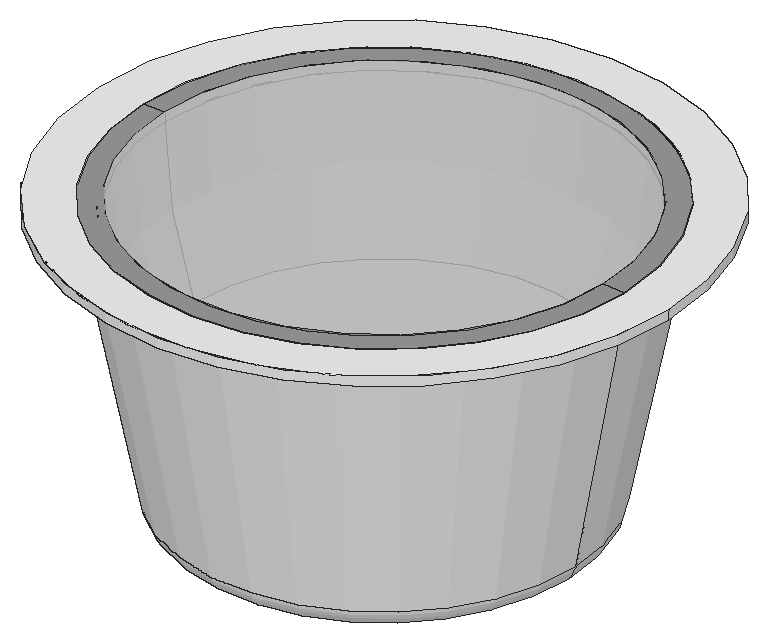
Revit family "2060578 Sylvania Lighting Fixture ASCENT 100 II ARCH 3700 4K DALI EMG 160", category Lighting Fixtures, host Face, Revit 2016
Family settings
  Host = Face
  Part Type = Normal
  Round Connector Dimension = Use Diameter
  OmniClass Number = 23.80.70.11.17
  OmniClass Title = Specialized Lighting by Location or Use
  Cut with Voids When Loaded = No
  Light Source = Yes
  Shared = No
  Room Calculation Point = No
Parameters (values of type "2060578 ASCT100 II ARCH 3700 4K DALI EMG 160 Emergency mode")
  WidthBezelAcc_SYL = 25.0 mm
  Weight = "1.92 kg"
  Wattage = 1.61017 W
  WarrantyStartDate [instance] = "n/a"
  WarrantyGuarantorParts = "n/a"
  WarrantyDurationUnit = "n/a"
  WarrantyDurationParts = "n/a"
  WarrantyDescription = "n/a"
  built-in parameter 1150110 = 1 (stored number, unit not read)
  Voltage = 0 V
  VisibilityAccessory_SYL = no
  TypeName = "ASCT100 II ARCH 3700 4K DALI EMG 160 Emergency mode"
  built-in parameter 1114217 = 1 (stored number, unit not read)
  Tilt Angle = -90°
  built-in parameter 1150109 = 1 (stored number, unit not read)
  built-in parameter 1150134 = 12
  built-in parameter 1150113 = 1 (stored number, unit not read)
  SerialNumber [instance] = "n/a"
  ReflectorRadius_SYL = Radius_SYL - 14.5 mm  # 80.0 mm
  RadiusAcc_SYL = 105.0 mm
  Radius_SYL = 94.5 mm
  URL = "http://www.sylvania-lighting.com"
  PowerFactor = 0
  PowerConsumption = "32 W"
  Photometric Web File = "2060578EM.ies"
  NominalWidth = 0.0 mm
  NominalLength = 0.0 mm
  NominalHeight = 94.0 mm
  Name = "ASCT100 II ARCH 3700 4K DALI EMG 160 Emergency mode"
  ModelReference = "ASCT100 II ARCH 3700 4K DALI EMG 160 Emergency mode"
  ModelNumber = "2060578"
  Material_4_SYL = none
  Material_3_SYL = Polycarbonate_Sylvania_Ascent_Opal
  Material_2_SYL = Aluminium_Sylvania_Ascent_Silver
  Material_1_SYL = Aluminum_Sylvania_Ascent_White
  Material = "aluminium housing, arcylic diffuser"
  ManufacturerName = "Feilo Sylvania"
  LuminousEfficacy = "118 lm/W"
  built-in parameter 1150105 = 15.12 (stored number, unit not read)
  Lumens = 190 lm
  LuminaireType = ""
  built-in parameter 1150115 = 1 (stored number, unit not read)
  LightOutputRatio = "100"
  built-in parameter 1150137 = (empty or 0)
  built-in parameter 1150139 = (empty or 0)
  LampsType = Lamp  # "LED"
  LampNominalLuminous = "3766 lm"
  LampMacAdamStep = "3"
  LampColourTemperature = "4000 K"
  LampColourRenderingIndex = "80"
  built-in parameter 1150112 = 1 (stored number, unit not read)
  built-in parameter 1150114 = 1 (stored number, unit not read)
  Keynote = "16500"
  InstallationDate [instance] = "n/a"
  InputVoltage = "n/a"
  InputNominalFrequency = "n/a"
  built-in parameter 1150132 = (empty or 0)
  built-in parameter 1150102 = (empty or 0)
  built-in parameter 1150107 = 4000 (stored number, unit not read)
  built-in parameter 1150138 = (empty or 0)
  IngressProtection = "IP40"
  ImpactProtectionIndex = "IK02"
  built-in parameter 1150106 = 0.1512 (stored number, unit not read)
  IfcExportType = "IfcLightFixtureType"
  IfcExportAs = "IfcLightFixtureType"
  Height_SYL = 94.0 mm
  HeightAcc_SYL = 7.0 mm
  ExpectedLife = 50000
  EmittionSurface_SYL = if(VisibilityAccessory_SYL, 7.0 mm, 3.0 mm)  # 3.0 mm
  Emit from Circle Diameter = DiffuserRadius_SYL * 2  # 146.0 mm
  Emit Shape Visible in Rendering = no
  ElectricShockClassification = "Class II"
  built-in parameter 1150104 = 10.963 (stored number, unit not read)
  DurationUnit = "hours"
  DocumentationLiterature = "http://www.sylvania-lighting.com/product/en-int/products/2060578"
  DimmingControlOptions = "n/a"
  Dimming Lamp Color Temperature Shift = <None>
  DiffuserRadius_SYL = ReflectorRadius_SYL - 7.0 mm  # 73.0 mm
  Diameter_SYL = 2 * Radius_SYL  # 189.0 mm
  CutoutDiameter_SYL = Diameter_SYL - 13.0 mm  # 176.0 mm
  CreatedOn = "9/17/2018"
  CreatedBy = "@sylvania-lighting.com"
  Color Filter = 16777215
  built-in parameter 1114216 [instance] = 1 (stored number, unit not read)
  Model = "ASCT100 II ARCH 3700 4K DALI EMG 160 Emergency mode"
  Manufacturer = "Feilo Sylvania"
  Lamp = "LED"
  Description = "Direct LED retro fit for original LED 100 Arch (160) single CFL lamp offering Matching lumen levels and improved light distribution of original LED 100 CFL lamp equivalents Typically half the power consumption compared to CFL Up to 112lm/W 160mm aperture Architectural reflector accepts range of glass accessories from existing LED 100 Arch 160 offering HE, HO and VHO versions equivalent of single 1 x 18W, 1 x 32W, 1 x 42W\r\n Additional VVHO versions which offer the performance circa 2 x 32W equivalent"  # constant formula
  Default Elevation = 0.0 mm
  built-in parameter 1140040 [instance] = 1
  BarCode [instance] = "n/a"
  built-in parameter 1114218 = 1 (stored number, unit not read)
  built-in parameter 1150133 = 10 (stored number, unit not read)
  AssetType = "Fixed"
  AssetIdentifier [instance] = "n/a"
  Assembly Code = "D5020200"
  Apparent Load = 1.61017 VA
  Aperture_SYL = 2 * ReflectorRadius_SYL  # 160.0 mm
Types (2, lengths in mm): name | Wattage | TypeName | Photometric Web File | Name | ModelReference | built-in parameter 1150105 | Lumens | built-in parameter 1150106 | Model | Apparent Load
  2060578 ASCT100 II ARCH 3700 4K DALI EMG 160 Emergency mode | 1.61017 W | "ASCT100 II ARCH 3700 4K DALI EMG 160 Emergency mode" | "2060578EM.ies" | "ASCT100 II ARCH 3700 4K DALI EMG 160 Emergency mode" | "ASCT100 II ARCH 3700 4K DALI EMG 160 Emergency mode" | 15.12 (stored number, unit not read) | 190 lm | 0.1512 (stored number, unit not read) | "ASCT100 II ARCH 3700 4K DALI EMG 160 Emergency mode" | 1.61017 VA
  2060578 ASCT100 II ARCH 3700 4K DALI EMG 160 | 32 W | "ASCENT 100 II ARCH 3700 4K DALI EMG 160" | "2060578.ies" | "ASCENT 100 II ARCH 3700 4K DALI EMG 160" | "ASCENT 100 II ARCH 3700 4K DALI EMG 160" | 300.48 (stored number, unit not read) | 3776 lm | 3.0048 (stored number, unit not read) | "ASCENT 100 II ARCH 3700 4K DALI EMG 160" | 32 VA
Reference planes
  plane 1 "Center (Front/Back)": y = 0
  plane 2: z = 0
  plane 3 "Center (Left/Right)": x = 0
  plane 4 "Fixture Bottom": z = 3
  plane 5: z = -52.5
  plane 6 "Fixture Top": z = -91
  plane 7: x = -105
  plane 8: z = 7
  plane 9: x = -80
  plane 10: z = 5
  plane 11: x = -103
Forms (mm)
  Extrusion 1, solid, material "Aluminum_Sylvania_Ascent_White", detail levels fine
    sketch origin (0, 0, 0) x (1, 0, 0) y (0, 1, 0)
      loop
        circle (0, 0) r 94.5
      loop
        circle (0, 0) r 80
    from 0 to 3
  Extrusion 2, void
    sketch origin (0, 0, 0) x (1, 0, 0) y (0, 1, 0)
      loop
        circle (0, 0) r 88
    from -91 to 3
  Revolve 3, solid, material "Aluminum_Sylvania_Ascent_White" <- "Material_1_SYL", detail levels fine
    sketch origin (0, 0, 0) x (1, 0, 0) y (0, 0, 1)
      loop
        line (0, -91.073) -> (0, -89.023) -> (-55.468, -89.014)
        arc (-55.468, -89.014) -> (-59.352, -87.613) -> (-61.54, -84.139) r 6.307
        line (-61.54, -84.139) -> (-77.991, -2.844) -> (-77.991, 0) -> (-80, 0) -> (-80, -3) -> (-63.5, -84.536)
        arc (-63.5, -84.536) -> (-60.643, -89.203) -> (-55.5, -91.073) r 8.291
        line (-55.5, -91.073) -> (0, -91.073)
      axis (0, 0) -> (0, -91.073)
    angle from 0 to 360
  Revolve 4, solid, material "Aluminium_Sylvania_Ascent_Silver" <- "Material_2_SYL", detail levels fine
    sketch origin (0, 0, 0) x (1, 0, 0) y (0, 0, 1)
      loop
        line (-80, 3) -> (-80, 0) -> (-75, 0)
        arc (-75, 0) -> (-72.349, -26.77) -> (-64.5, -52.5) r 136.5
        line (-64.5, -52.5) -> (-58, -52.5)
        arc (-58, -52.5) -> (-56.857, -61.521) -> (-53.5, -69.971) r 36.166
        line (-53.5, -69.971) -> (0, -69.971) -> (0, -50.5) -> (-63.16, -50.5)
        arc (-63.16, -50.5) -> (-70.517, -25.725) -> (-73, 0) r 134.5
        line (-73, 0) -> (-73, 3) -> (-80, 3)
      axis (0, 3) -> (0, -69.971)
    angle from 0 to 360
  Extrusion 5, solid, material "Polycarbonate_Sylvania_Ascent_Opal" <- "Material_3_SYL", detail levels fine
    sketch origin (0, 0, 0) x (1, 0, 0) y (0, 1, 0)
      loop
        circle (0, 0) r 73
    from 0 to 3
  Revolve 6, solid, material "Aluminum_Sylvania_Ascent_White" <- "Material_1_SYL", detail levels coarse+medium
    sketch origin (0, 0, 0) x (1, 0, 0) y (0, 0, 1)
      loop
        line (0, -91.073) -> (0, 3) -> (-94.5, 3) -> (-94.5, 0) -> (-79.5, 0) -> (-79.5, -3) -> (-63, -84.536)
        arc (-63, -84.536) -> (-60.143, -89.203) -> (-55, -91.073) r 8.291
        line (-55, -91.073) -> (0, -91.073)
      axis (0, 3) -> (0, -91.073)
    angle from 0 to 360
  Revolve 7, solid, material "Aluminum_Sylvania_Ascent_White" <- "Material_1_SYL", visible <- "VisibilityAccessory_SYL"
    sketch origin (0, 0, 0) x (1, 0, 0) y (0, 0, 1)
      loop
        line (-105, 0) -> (-103, 0) -> (-103, 5) -> (-80, 5) -> (-80, 7) -> (-105, 7) -> (-105, 0)
      axis (0, 7) -> (0, 0)
    angle from 0 to 360
  Revolve 8, solid, material "Polycarbonate_Sylvania_Ascent_Opal" <- "Material_3_SYL", visible <- "VisibilityAccessory_SYL"
    sketch origin (0, 0, 0) x (1, 0, 0) y (0, 0, 1)
      loop
        line (-80, 7) -> (-80, 5) -> (0, 5) -> (0, 7) -> (-80, 7)
      axis (0, 7) -> (0, 5)
    angle from 0 to 360
Lines and regions (mm)
  reference lines
    curve 1: line (-150, 0, 3) -> (125, 0, 3)
Dimensions and locks
  locked: plane 4 "Fixture Bottom" to plane 2 at 3
  "Height_SYL": plane 4 "Fixture Bottom" to plane 6 "Fixture Top"
  "ReflectorRadius_SYL": plane 3 "Center (Left/Right)" to Revolve 4 sketch curve
  locked: Revolve 4 sketch curve to Revolve 4 sketch curve at 15.5
  locked: Revolve 4 sketch curve to Revolve 4 sketch curve at 5
  locked: Revolve 4 sketch curve to Revolve 4 sketch curve at 7
  locked: Revolve 4 sketch curve to Revolve 4 sketch curve at 22
  locked: Revolve 4 sketch curve to Revolve 4 sketch curve at 26.5
  locked: Revolve 3 sketch curve to Revolve 3 sketch curve at 16.5
  locked: Revolve 3 sketch curve to Revolve 3 sketch curve at 24.5
  "ReflectorRadius_SYL": Revolve 3 sketch curve to plane 3 "Center (Left/Right)"
  locked: Revolve 3 sketch curve to plane 6 "Fixture Top" at 6.464
  locked: plane 2 to Revolve 3 sketch curve at 3
  locked: Revolve 3 sketch curve to Revolve 3 sketch curve at 2
  locked: Revolve 3 sketch curve to Revolve 3 sketch curve at 2.009
  locked: plane 2 to plane 5 at 52.5
  locked: Revolve 6 sketch curve to Revolve 6 sketch curve at 31.5
  locked: Revolve 6 sketch curve to Revolve 6 sketch curve at 39.5
  locked: Revolve 6 sketch curve to Revolve 6 sketch curve at 15
  "Radius_SYL": plane 3 "Center (Left/Right)" to Revolve 6 sketch curve
  "RadiusAcc_SYL": plane 3 "Center (Left/Right)" to plane 7
  "HeightAcc_SYL": plane 8 to level
  "WidthBezelAcc_SYL": plane 7 to plane 9
  locked: plane 7 to plane 11 at 2
  locked: plane 8 to plane 10 at 2
  "EmittionSurface_SYL": curve 1 to level
  "CutoutDiameter_SYL": diameter of Extrusion 2 sketch curve
  "ReflectorRadius_SYL": radius of Extrusion 1 sketch curve
  "DiffuserRadius_SYL": radius of Extrusion 5 sketch curve
  "Radius_SYL": radius of Extrusion 1 sketch curve
  aligned and locked: host face to plane 2
  aligned and locked: host face to level
  aligned and locked: plane 4 "Fixture Bottom" to Extrusion 1
  aligned and locked: Extrusion 1 to plane 2
  aligned and locked: Revolve 3 sketch curve to plane 3 "Center (Left/Right)"
  aligned and locked: Revolve 4 sketch curve to plane 3 "Center (Left/Right)"  (x2)
  aligned and locked: plane 4 "Fixture Bottom" to Revolve 4 sketch curve
  aligned and locked: Extrusion 5 to plane 2
  aligned and locked: plane 2 to Revolve 3 sketch curve  (x2)
  aligned and locked: Revolve 6 sketch curve to plane 3 "Center (Left/Right)"
  aligned and locked: plane 6 "Fixture Top" to Extrusion 2
  aligned and locked: Revolve 7 sketch curve to plane 3 "Center (Left/Right)"
  aligned and locked: host face to Revolve 7 sketch curve  (x2)
  aligned and locked: Revolve 7 sketch curve to plane 7
  aligned and locked: plane 8 to Revolve 7 sketch curve
  aligned and locked: plane 9 to Revolve 7 sketch curve
  aligned and locked: Revolve 7 sketch curve to plane 10
  aligned and locked: plane 11 to Revolve 7 sketch curve
  aligned and locked: Revolve 7 to Revolve 8 sketch curve
  aligned and locked: Revolve 8 sketch curve to Revolve 7  (x2)
  aligned and locked: Revolve 8 sketch curve to plane 3 "Center (Left/Right)"  (x2)
  aligned and locked: plane 3 "Center (Left/Right)" to imposter light
  aligned and locked: imposter light to plane 1 "Center (Front/Back)"
  aligned and locked: imposter light to curve 1
Automatic sketch dimensions
  plane 1 "Center (Front/Back)" to Extrusion 2 sketch curve = 0.0 mm
  Extrusion 2 sketch curve to plane 3 "Center (Left/Right)" = 0.0 mm
  Extrusion 1 sketch curve to Extrusion 1 sketch curve = 0.0 mm  (x2)
  plane 1 "Center (Front/Back)" to Extrusion 1 sketch curve = 0.0 mm
  Extrusion 1 sketch curve to plane 3 "Center (Left/Right)" = 0.0 mm
  plane 6 "Fixture Top" to Revolve 3 sketch curve = 0.073 mm
  Revolve 3 sketch curve to plane 6 "Fixture Top" = 6.861 mm
  Revolve 3 sketch curve to Revolve 3 sketch curve = 0.003 mm
  Revolve 3 sketch curve to Revolve 3 sketch curve = 0.009 mm  (x2)
  Revolve 3 sketch curve to Revolve 3 sketch curve = 0.023 mm
  Revolve 3 sketch curve to Revolve 3 sketch curve = 0.072 mm
  Revolve 3 sketch curve to Revolve 3 sketch curve = 0.008 mm
  Revolve 3 sketch curve to plane 6 "Fixture Top" = 1.977 mm
  Revolve 3 sketch curve to Revolve 3 sketch curve = 33.496 mm
  Revolve 3 sketch curve to Revolve 3 sketch curve = 0.028 mm
  plane 4 "Fixture Bottom" to Revolve 3 sketch curve = 82.431 mm
  Revolve 4 sketch curve to Revolve 4 sketch curve = 0.0 mm  (x2)
  Revolve 4 sketch curve to plane 5 = 0.0 mm
  Revolve 4 sketch curve to level = 0.0 mm
  plane 5 to Revolve 4 sketch curve = 2.0 mm
  plane 4 "Fixture Bottom" to Revolve 4 sketch curve = 9.642 mm
  plane 1 "Center (Front/Back)" to Extrusion 5 sketch curve = 0.0 mm
  Extrusion 5 sketch curve to plane 3 "Center (Left/Right)" = 0.0 mm
  Revolve 4 sketch curve to level = 69.971 mm
  Revolve 4 sketch curve to Revolve 4 sketch curve = 2.387 mm
  Revolve 6 sketch curve to level = 0.0 mm
  Revolve 6 sketch curve to plane 3 "Center (Left/Right)" = 0.0 mm
  Revolve 6 sketch curve to Revolve 6 sketch curve = 8.104 mm
  Revolve 6 sketch curve to level = 3.0 mm
  Revolve 6 sketch curve to plane 6 "Fixture Top" = 6.464 mm
  plane 6 "Fixture Top" to Revolve 6 sketch curve = 0.073 mm
  Revolve 6 sketch curve to Revolve 6 sketch curve = 33.496 mm
  plane 4 "Fixture Bottom" to Revolve 6 sketch curve = 82.431 mm
  host sketch curve to host sketch curve = 1704.996 mm
  host sketch curve to host sketch curve = 1500.0 mm
  plane 6 "Fixture Top" to Revolve 7 sketch curve = 281.274 mm
  Revolve 7 sketch curve to plane 8 = 1140.706 mm
  plane 6 "Fixture Top" to Revolve 8 sketch curve = 281.274 mm
  Revolve 8 sketch curve to Revolve 8 sketch curve = 1140.706 mm
  Revolve 3 sketch curve to plane 3 "Center (Left/Right)" = 0.0 mm
  Revolve 6 sketch curve to plane 4 "Fixture Bottom" = 0.0 mm
  plane 7 to curve 1 = 45.0 mm
  plane 3 "Center (Left/Right)" to curve 1 = 125.0 mm
Connectors
  electrical at (0, 0, -91.073), driven by "Apparent Load"
    settings: on Revolve 3, index 1, voltage 240 V, apparent load 0 VA, apparent load phase1 1.61017 VA, apparent load phase2 0 VA, apparent load phase3 0 VA, power factor 1, load classification "Lighting", number of poles 1, system type 31, power factor state 1, is connector primary yes, connector utility no, sub classification motor no, connector description ""
